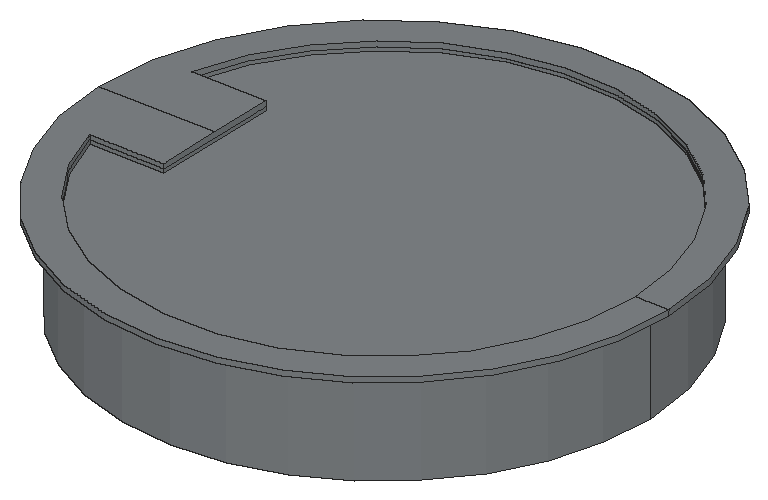
Revit family "Geräteeinsatz rund für Estrichhöhe 55 mm", category Generic Models, Revit 2015
Parameters (values of type "GESR9 55U V 9011")
  URL = "http://www.obo-bettermann.com"
  Radius 1 = 162.5 mm
  Radius = 152 mm
  Material = OBO PA, Eisengrau
  Manufacturer Art.No. = "7405049"
  Manufacturer = "OBO Bettermann"
  Height 1 = 3 mm
  Height = 56 mm
  GTIN = "4012195674467"
  Article Type = "GESR9 55U V 9011"
Types (3, lengths in mm): name | Manufacturer Art.No. | GTIN | Article Type
  (no name) | "7405049" | "4012195674467" | "GESR9 55U V 9011"
  GESR9 55U V 7011 | "7405047" | "4012195674450" | "GESR9 55U V 7011"
  GESR9 55U V 9011 | "7405049" | "4012195674467" | "GESR9 55U V 9011"
Reference planes
  plane 1 "Center (Front/Back)": y = 0
  plane 2: z = 0
  plane 3 "Center (Left/Right)": x = 0
  plane 4: z = 54
Forms (mm)
  Revolve 1, solid, material "OBO PA, Eisengrau"
    sketch origin (0, 0, 0) x (1, 0, 0) y (0, 0, 1)
      loop
        line (0, 0) -> (152, 0) -> (152, 56) -> (0, 56) -> (0, 0)
      axis (0, 56) -> (0, 0)
    angle from 0 to 360
  Revolve 2, solid, material "OBO PA, Eisengrau"
    sketch origin (0, 0, 0) x (1, 0, 0) y (0, 0, 1)
      loop
        line (0, 56) -> (162.5, 56) -> (162.5, 59) -> (0, 59) -> (0, 56)
      axis (0, 56) -> (0, 59)
    angle from 0 to 360
  Extrusion 3, void
    sketch origin (0, 0, 0) x (1, 0, 0) y (0, 1, 0)
      loop
        line (-138.791, 36.459) -> (-96.6, 36.459) -> (-96.6, -36.459) -> (-138.791, -36.459)
        arc (-138.791, -36.459) -> (143.5, 0) -> (-138.791, 36.459) r 143.5
    from 54 to 59
Cuts and joins
  Extrusion 3 cuts Revolve 1
  Extrusion 3 cuts Revolve 2
Dimensions and locks
  "Height": Revolve 1 sketch curve to Revolve 1 sketch curve
  "Radius": Revolve 1 sketch curve to Revolve 1 sketch curve
  "Height 1": Revolve 2 sketch curve to Revolve 2 sketch curve
  "Radius 1": Revolve 2 sketch curve to plane 3 "Center (Left/Right)"
  locked: Extrusion 3 sketch curve to Extrusion 3 sketch curve at 72.917
  equal spacing: Extrusion 3 sketch curve, plane 1 "Center (Front/Back)", Extrusion 3 sketch curve, locked at 36.459 each
  locked: Extrusion 3 sketch curve to plane 3 "Center (Left/Right)" at 96.6
  locked: Extrusion 3 sketch curve to plane 3 "Center (Left/Right)" at 138.791  (x2)
  locked: cut or joined group of Revolve 2, Extrusion 3 to plane 4 at 5
  aligned and locked: level to plane 2
  aligned and locked: Revolve 1 sketch curve to level
  aligned and locked: plane 3 "Center (Left/Right)" to Revolve 1 sketch curve
  aligned and locked: Revolve 1 sketch curve to plane 3 "Center (Left/Right)"
  aligned and locked: Revolve 2 sketch curve to Revolve 1
  aligned and locked: plane 3 "Center (Left/Right)" to Revolve 2 sketch curve  (x2)
  aligned and locked: cut or joined group of Revolve 2, Extrusion 3 to Extrusion 3
  aligned and locked: Extrusion 3 to plane 4
Automatic sketch dimensions
  Revolve 1 sketch curve to level = 0 mm
  Revolve 1 sketch curve to Revolve 1 sketch curve = 102.282 mm
  Revolve 2 sketch curve to Revolve 2 sketch curve = 0 mm
  Revolve 2 sketch curve to Revolve 2 sketch curve = 72 mm
  Extrusion 3 sketch curve to plane 3 "Center (Left/Right)" = 0 mm
